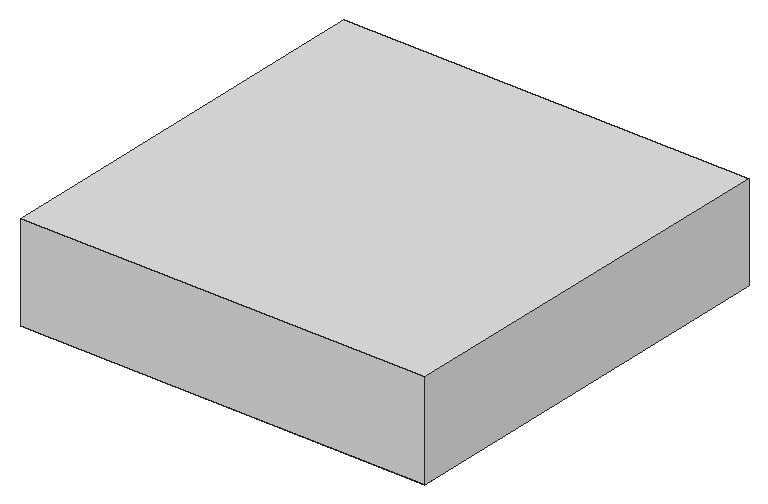
Revit family "290071 AeriLED AP NM ST LED 230V 1t_Tak", category Lighting Fixtures, Revit 2016
Family settings
  Part Type = Normal
  Round Connector Dimension = Use Diameter
  OmniClass Number = 23.80.70.11.21
  OmniClass Title = Emergency Lighting
  Work Plane-Based = No
  Always vertical = Yes
  Cut with Voids When Loaded = No
  Light Source = Yes
  Shared = No
  Room Calculation Point = No
Parameters (values of type "Nødlys")
  Wattage = 9.2903 W
  built-in parameter 1150110 = 1 (stored number, unit not read)
  Type Comments = "-UN"
  built-in parameter 1114217 = 1 (stored number, unit not read)
  Tilt Angle = 90.00°
  built-in parameter 1150109 = 1 (stored number, unit not read)
  built-in parameter 1150134 = 3
  built-in parameter 1150113 = 1 (stored number, unit not read)
  Photometric Web File = "2x4 3Lamp.ies"
  Number of Poles = 1
  Symbol Positive Direction [instance] = yes
  NS8360 = "4432_WT2"
  Manufacturer = "Honeywell"
  built-in parameter 1150105 = 109.82 (stored number, unit not read)
  Lumens = 1380 lm
  built-in parameter 1150115 = 1 (stored number, unit not read)
  built-in parameter 1150137 = (empty or 0)
  built-in parameter 1150139 = (empty or 0)
  built-in parameter 1150112 = 1 (stored number, unit not read)
  built-in parameter 1150114 = 1 (stored number, unit not read)
  Keynote = "WT2"
  built-in parameter 1150132 = (empty or 0)
  built-in parameter 1150102 = (empty or 0)
  built-in parameter 1150107 = 3200 (stored number, unit not read)
  built-in parameter 1150138 = (empty or 0)
  built-in parameter 1150106 = 1.0982 (stored number, unit not read)
  Height = 48 mm
  Voltage = 230 V
  Symbol Offset Side [instance] = 0 mm
  Symbol Offset Out [instance] = 0 mm
  Material = Plastic - White
  Loads [instance] = 0 VA
  Length B = 160 mm
  Length A = 160 mm
  Glass Material = Plastic - Glass
  Emit from Rectangle Width = Length B  # 160 mm
  Emit from Rectangle Length = Length A  # 160 mm
  Emit Shape Visible in Rendering = no
  built-in parameter 1150104 = 13.8 (stored number, unit not read)
  Dimming Lamp Color Temperature Shift = <None>
  Color Filter = 16777215
  built-in parameter 1114218 = 1 (stored number, unit not read)
  built-in parameter 1150133 = 10 (stored number, unit not read)
  Assembly Code = "4432"
Reference planes
  plane 1 "Light Source Axis (F/B)": y = 0
  plane 2: z = 0
  plane 3 "Light Source Axis (L/R)": x = 0
  plane 4 "Light Source Elevation": z = 0
  plane 5: z = -48
  plane 6: z = -45
  plane 7: z = -38
  plane 8: y = 80
  plane 9: x = 80
  plane 10: y = -80
  plane 11: x = -80
  plane 12: y = 15
  plane 13: x = 15
  plane 14: y = -15
  plane 15: x = -15
Forms (mm)
  Extrusion 1, solid, material "Plastic - White" <- "Material"
    sketch origin (0, 0, 0) x (1, 0, 0) y (0, 1, 0)
      loop
        line (-80, 80) -> (-80, -80) -> (80, -80) -> (80, 80) -> (-80, 80)
    from 0 to -38
  Blend 2, solid, material "Plastic - White" <- "Material"
    base sketch origin (0, 0, 0) x (1, 0, 0) y (0, 1, 0)
      loop
        line (-80, 80) -> (-80, -80) -> (80, -80) -> (80, 80) -> (-80, 80)
    top sketch origin (0, 0, 0) x (1, 0, 0) y (0, 1, 0)
      loop
        line (-15, 15) -> (-15, -15) -> (15, -15) -> (15, 15) -> (-15, 15)
    from -38 to -45
  Revolve 3, solid, material "Plastic - Glass" <- "Glass Material"
    sketch origin (0, 0, 0) x (1, 0, 0) y (0, 0, 1)
      loop
        line (0, -45) -> (0, -48) -> (0.8, -48)
        arc (0.8, -48) -> (2.993, -47.133) -> (4, -45) r 3.207
        line (4, -45) -> (0, -45)
      axis (0, -45) -> (0, -48)
    angle from 0 to 360
Lines and regions (mm)
  model lines, style "InvisibleLines"
    curve 1: line (0, 0, 0) -> (0, 0, -45)
  symbolic lines, style "LightingFixturesHiddenLines"
    curve 2: line (0, 0, 65) -> (0, 0, 0)
Dimensions and locks
  plane 4 "Light Source Elevation" to plane 2 = 0 mm
  "Height": plane 4 "Light Source Elevation" to plane 5
  locked: plane 6 to plane 5 at 3
  locked: plane 7 to plane 5 at 10
  equal spacing: plane 11, plane 3 "Light Source Axis (L/R)", plane 9
  equal spacing: plane 8, plane 1 "Light Source Axis (F/B)", plane 10
  "Length A": plane 11 to plane 9
  "Length B": plane 8 to plane 10
  plane 12 to plane 1 "Light Source Axis (F/B)" to plane 14 = 15 mm locked, 15 mm locked
  plane 15 to plane 3 "Light Source Axis (L/R)" to plane 13 = 15 mm locked, 15 mm locked
  aligned and locked: plane 2 to level
  aligned and locked: plane 1 "Light Source Axis (F/B)" to nested 1
  aligned and locked: plane 3 "Light Source Axis (L/R)" to nested 1
  aligned and locked: Extrusion 1 sketch curve to plane 8
  aligned and locked: plane 11 to Extrusion 1 sketch curve
  aligned and locked: plane 10 to Extrusion 1 sketch curve
  aligned and locked: Extrusion 1 sketch curve to plane 9
  aligned and locked: Extrusion 1 to plane 7
  aligned and locked: Extrusion 1 to plane 4 "Light Source Elevation"
  aligned and locked: Blend 2 sketch curve to plane 8
  aligned and locked: plane 11 to Blend 2 sketch curve
  aligned and locked: plane 10 to Blend 2 sketch curve
  aligned and locked: Blend 2 sketch curve to plane 9
  aligned and locked: Blend 2 sketch curve to plane 12
  aligned and locked: plane 15 to Blend 2 sketch curve
  aligned and locked: Blend 2 sketch curve to plane 14
  aligned and locked: Blend 2 sketch curve to plane 13
  aligned and locked: plane 7 to Blend 2
  aligned and locked: Revolve 3 sketch curve to plane 3 "Light Source Axis (L/R)"  (x2)
  aligned and locked: Revolve 3 sketch curve to plane 6
  aligned and locked: Revolve 3 sketch curve to plane 5
  aligned and locked: imposter light to plane 3 "Light Source Axis (L/R)"
  aligned and locked: imposter light to plane 5
  aligned and locked: imposter light to plane 1 "Light Source Axis (F/B)"
  aligned and locked: level to curve 2
  aligned and locked: plane 3 "Light Source Axis (L/R)" to curve 2
Automatic sketch dimensions
  plane 6 to Revolve 3 sketch curve = 0.207 mm
  plane 3 "Light Source Axis (L/R)" to Revolve 3 sketch curve = 0.8 mm
  Revolve 3 sketch curve to plane 5 = 256.8 mm
  level to Revolve 3 sketch curve = 2366.751 mm
  curve 1 to plane 6 = 0 mm
  level to curve 2 = 65 mm
Nested families
  nested 1: "LedelysS" at (0, 0, 0), type "Type 1"
Connectors
  electrical at (0, 0, 0), driven by "Voltage", driven by "Loads", driven by "Number of Poles", driven by "Loads"
    settings: on plane 4 "Light Source Elevation", index 1, voltage 230 V, apparent load 0 VA, apparent load phase1 0 VA, apparent load phase2 0 VA, apparent load phase3 0 VA, power factor 1, load classification "Lighting", number of poles 1, system type 30, power factor state 1, is connector primary yes, connector utility no, sub classification motor no, connector description ""
Definition of nested family "LedelysS"
  Parameters
    CQ Symbol Positive Direction = yes
    CQ Symbol Negative Direction = not(CQ Symbol Positive Direction)  # no
    CQ Symbol Offset Side = 0 mm
    CQ Symbol Offset Out = 0 mm
  Reference planes
    plane 1: y = 0
    plane 2: x = 0
  Dimensions and locks
    "CQ Symbol Offset Out": plane 1 to nested 1
    "CQ Symbol Offset Out": plane 1 to nested 2
    "CQ Symbol Offset Side": plane 2 to nested 2
    "CQ Symbol Offset Side": nested 1 to plane 2
  Nested families
    nested 1: "LedelysSub" at (0, 0, 0), visible <- "CQ Symbol Negative Direction", type "Type 1"
    nested 2: "LedelysSub" at (0, 0, 0), visible <- "CQ Symbol Positive Direction", type "Type 1"
  Definition of nested family "LedelysSub"
    Reference planes
      plane 1: y = 0
      plane 2: x = 0
    Lines and regions (mm)
      detail lines
        curve 1: line (-4, -2, 0) -> (4, -2, 0)
        curve 2: line (4, -2, 0) -> (4, 2, 0)
        curve 3: line (4, 2, 0) -> (-4, 2, 0)
        curve 4: line (-4, 2, 0) -> (-4, -2, 0)
        curve 5: line (-3.097, -1.25, 0) -> (-0.597, 1.25, 0)
        curve 6: line (-3.097, 1.25, 0) -> (-0.597, -1.25, 0)
        curve 7: circle (-1.847, 0, 0) r 1.2 normal (0, 0, 1)
    Text (mm)
      text "LL" at (2.179, 1.025, 0)
